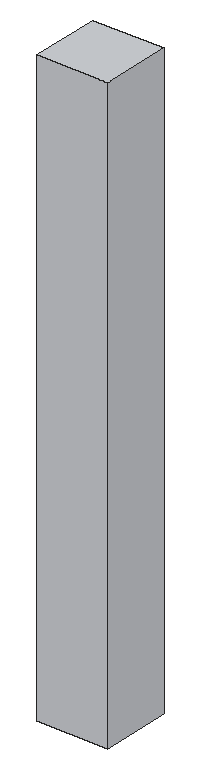
Revit family "22c57fa7cf08408a9ef96bb37d629094", category Balusters, Revit 2021
Family settings
  OmniClass Number = 23.30.80.11.11.14
  OmniClass Title = Posts, Newel Posts, Pickets
  Seek Item ID = Post - Square-0000-USA-ENU
  Always vertical = Yes
  Cut with Voids When Loaded = No
  Shared = No
Parameters (values of type "4 1/4"")
  built-in parameter 1008623 [instance] = (empty or 0)
  built-in parameter 1008625 [instance] = (empty or 0)
  Post Material = none
  Width = 0' - 4 1/4"
  Post = yes
  built-in parameter 1008624 [instance] = (empty or 0)
  built-in parameter 1008622 [instance] = 3' - 0"
Types (5): name | Width
  (no name) | 0' - 4 1/4"
  1 1/4" | 0' - 1 1/4"
  2 1/4" | 0' - 2 1/4"
  4 1/4" | 0' - 4 1/4"
  6 1/4" | 0' - 6 1/4"
Reference planes (in)
  plane 1 "Center (Front/Back)": y = 0
  plane 2: z = 0
  plane 3 "Center (Left/Right)": x = 0
  plane 4 "Top": z = 36
Forms (in)
  Extrusion 1, solid, material <- "Post Material"
    sketch origin (0, 0, 0) x (1, 0, 0) y (0, 1, 0)
      loop
        line (-2.125, 2.125) -> (-2.125, -2.125) -> (2.125, -2.125) -> (2.125, 2.125) -> (-2.125, 2.125)
    from 0 to 36
Dimensions and locks (in)
  "built-in parameter 1008622": plane 2 to plane 4 "Top"
  equal spacing: Extrusion 1 sketch curve, plane 3 "Center (Left/Right)", Extrusion 1 sketch curve
  equal spacing: Extrusion 1 sketch curve, plane 1 "Center (Front/Back)", Extrusion 1 sketch curve
  "Width": Extrusion 1 sketch curve to Extrusion 1 sketch curve  (x2)
  aligned and locked: Extrusion 1 to level
  aligned and locked: Extrusion 1 to plane 4 "Top"
